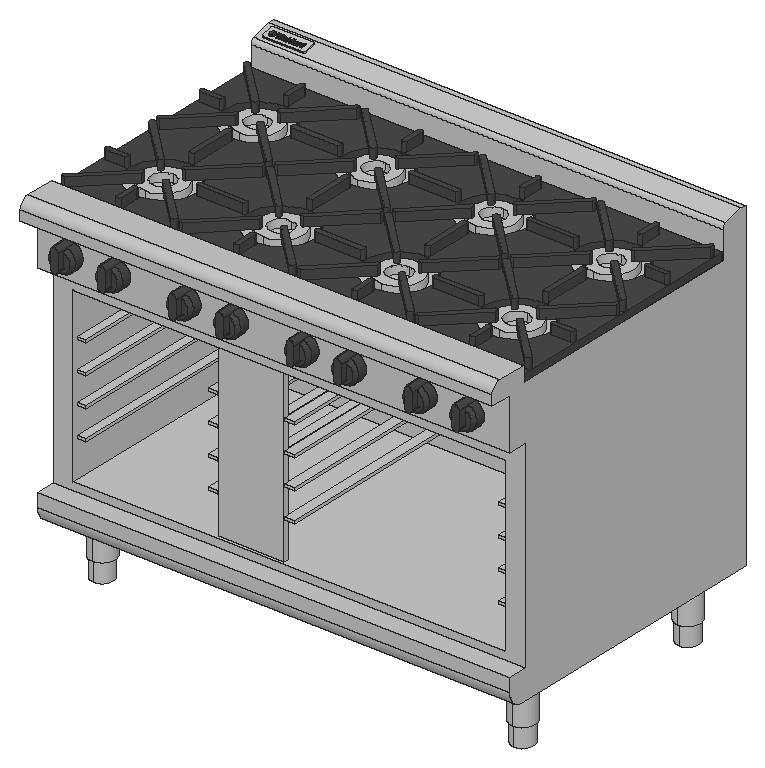
Revit family "QF_MOFFAT WALDORF_RNL8800G-CB", category Specialty Equipment, Revit 2012
Parameters
  Weight in Pounds = 436.5148
  URL Cutsheet = "www.moffat.com"
  URL = "www.moffat.com"
  Type Mark [instance] = ""
  Status [instance] = ""
  Specification by User [instance] = ""
  Specification by Manufacturer = ""
  Show Logo [instance] = yes
  Show Casters [instance] = no
  Serial Number = ""
  Seismic Rating = ""
  SMACNA No = ""
  Revision Code [instance] = ""
  Omniclass Number and Title = ""
  NAFEM Spec ID Number = ""
  Model = "RN8800G-CB"
  Mechanical Remarks [instance] = ""
  Mechanical Connection Type [instance] = ""
  Masterspec = ""
  Manufacturer = "MOFFAT WALDORF"
  Legs [instance] = not(Show Casters)  # yes
  Item Number [instance] = ""
  Installed By [instance] = ""
  Identify Quantity as Lot [instance] = yes
  Gas Size = 3/4"
  Gas RI Height [instance] = 0.0 mm
  Gas KW [instance] = 62.2
  Gas Input [instance] = 212311.0 Btu/h
  Gas Connection Height = 0.0 mm
  Furnished By [instance] = ""
  Foodservice Equipment Identifier [instance] = yes
  Description = "COOK TOP LOW SPLASHBACK GAS ON CABINET BASE"
  CSI MasterFormat = ""
  CSI Master Format = ""
  Body Height [instance] = 915.0 mm
  Base Height [instance] = 150.0 mm
Reference planes
  plane 1 "BACK": y = 0
  plane 2: z = 0
  plane 3 "LEFT": x = 0
  plane 4 "RIGHT": x = 1200
  plane 5 "FRONT": y = -805
  plane 6 "TOP": z = 970
  plane 7 "Center Y": x = 600
  plane 8 "Center X": y = -402.5
  plane 9 "Base Height": z = 150
  plane 10: x = 1134
  plane 11: x = 65
  plane 12: z = 915
  plane 13: x = 65.8
Forms (mm)
  Extrusion 1, solid, material "QF_Finishes_Stainless Steel"
    sketch origin (0, 0, 0) x (0, 1, 0) y (0, 0, 1)
      loop
        line (-805, 891) -> (-805, 866) -> (-749, 866) -> (-749, 735) -> (-135.7, 735) -> (-135.7, 150) -> (0, 150) -> (0, 970) -> (-15, 970) -> (-61.106, 957.646)
        arc (-61.106, 957.646) -> (-67.52, 953.36) -> (-70, 946.055) r 12
        line (-70, 946.055) -> (-70, 875) -> (-705, 875) -> (-705, 915) -> (-781, 915)
        arc (-781, 915) -> (-797.971, 907.971) -> (-805, 891) r 24
      loop
        line (-699, 222.5) -> (-749, 222.5) -> (-749, 188)
        arc (-749, 188) -> (-737.87, 161.13) -> (-711, 150) r 38
        line (-711, 150) -> (-699, 150) -> (-699, 222.5)
    from 0 to 1200
  Revolve 2, solid, material "QF_Finishes_Black"
    sketch origin (210, 0, 763.627) x (0, -1, 0) y (0, 0, 1)
      loop
        line (782, 69.605) -> (759, 69.605) -> (759, 42.105) -> (749, 42.105) -> (749, 37.105) -> (793, 37.105) -> (793, 63.757) -> (782, 69.605)
      axis (793, 37.105) -> (749, 37.105)
    angle from 0 to 360
  Extrusion 3, solid, material "QF_Finishes_Black"
    sketch origin (-78.431, 0, 659.63) x (1, 0, 0) y (0, 0, 1)
      loop
        line (298.431, 129) -> (298.431, 167.997)
        arc (298.431, 167.997) -> (288.431, 177.997) -> (278.431, 167.997) r 10
        line (278.431, 167.997) -> (278.431, 129)
        arc (278.431, 129) -> (288.431, 119) -> (298.431, 129) r 10
    from 759 to 808
  Extrusion 4, solid, material "QF_Finishes_Stainless Steel"
    sketch origin (705, 3, 100) x (1, 0, 0) y (0, 1, 0)
      loop
        circle (365, -35) r 13.5
    from 555 to 599.856
  Revolve 5, solid, material "QF_Finishes_Black"
    sketch origin (89.999, 0, 763.5) x (0, 1, 0) y (0, 0, -1)
      loop
        line (-782, -69.5) -> (-759, -69.5) -> (-759, -42) -> (-749, -42) -> (-749, -37) -> (-793, -37) -> (-793, -63.651) -> (-782, -69.5)
      axis (-793, -37) -> (-749, -37)
    angle from 0 to 360
  Extrusion 6, solid, material "QF_Finishes_Black"
    sketch origin (228.269, 0, 763.658) x (-1, 0, 0) y (0, 0, -1)
      loop
        arc (148.269, -24.969) -> (138.269, -14.969) -> (128.269, -24.969) r 10
        line (128.269, -24.969) -> (128.269, -63.969)
        arc (128.269, -63.969) -> (138.269, -73.969) -> (148.269, -63.969) r 10
        line (148.269, -63.969) -> (148.269, -24.969)
    from 759 to 808
  Extrusion 7, solid, material "QF_Finishes_Black"
    sketch origin (0, -77.318, 875) x (0, -1, 0) y (1, 0, 0)
      loop
        arc (-6.318, 4) -> (-5.439, 1.879) -> (-3.318, 1) r 3
        line (-3.318, 1) -> (623.682, 1)
        arc (623.682, 1) -> (625.804, 1.879) -> (626.682, 4) r 3
        line (626.682, 4) -> (626.682, 1196)
        arc (626.682, 1196) -> (625.804, 1198.121) -> (623.682, 1199) r 3
        line (623.682, 1199) -> (-3.318, 1199)
        arc (-3.318, 1199) -> (-5.439, 1198.121) -> (-6.318, 1196) r 3
        line (-6.318, 1196) -> (-6.318, 4)
      loop
        circle (160.182, 150) r 84.082
      loop
        circle (460.182, 150) r 84.082
      loop
        circle (460.182, 1050) r 84.082
      loop
        circle (160.182, 1050) r 84.082
      loop
        circle (160.182, 450) r 84.082
      loop
        circle (460.182, 450) r 84.082
      loop
        circle (160.182, 750) r 84.082
      loop
        circle (460.182, 750) r 84.082
    from 0 to 19.5
  Extrusion 8, solid, material "QF_Finishes_Black"
    sketch origin (0, -77.318, 894.5) x (0, -1, 0) y (1, 0, 0)
      loop
        spline (316.285, 15.153) -> (315.364, 13.924) -> (314.814, 12.47) -> (314.672, 10.89) -> (314.949, 9.292) -> (315.626, 7.786) -> (316.655, 6.473) -> (317.968, 5.443) -> (319.475, 4.767) -> (321.072, 4.49) -> (322.652, 4.631) -> (324.106, 5.181) -> (325.336, 6.102)
        line (325.336, 6.102) -> (433.259, 114.025)
        spline (433.259, 114.025) -> (434.019, 115.095) -> (434.42, 116.399) -> (434.433, 117.851) -> (434.058, 119.35) -> (433.319, 120.795) -> (432.269, 122.086) -> (430.977, 123.137) -> (429.532, 123.875) -> (428.033, 124.251) -> (426.582, 124.238) -> (425.277, 123.837) -> (424.208, 123.076)
        line (424.208, 123.076) -> (316.285, 15.153)
      loop
        spline (252.08, 156.4) -> (250.786, 156.182) -> (249.58, 155.543) -> (248.545, 154.525) -> (247.75, 153.2) -> (247.251, 151.656) -> (247.08, 150) -> (247.251, 148.344) -> (247.75, 146.8) -> (248.545, 145.475) -> (249.58, 144.457) -> (250.786, 143.818) -> (252.08, 143.6)
        line (252.08, 143.6) -> (368.284, 143.6)
        spline (368.284, 143.6) -> (369.579, 143.818) -> (370.784, 144.457) -> (371.82, 145.475) -> (372.615, 146.8) -> (373.114, 148.344) -> (373.284, 150) -> (373.114, 151.656) -> (372.615, 153.2) -> (371.82, 154.525) -> (370.784, 155.543) -> (369.579, 156.182) -> (368.284, 156.4)
        line (368.284, 156.4) -> (252.08, 156.4)
      loop
        spline (601.284, 143.6) -> (602.579, 143.818) -> (603.784, 144.457) -> (604.82, 145.475) -> (605.615, 146.8) -> (606.114, 148.344) -> (606.284, 150) -> (606.114, 151.656) -> (605.615, 153.2) -> (604.82, 154.525) -> (603.784, 155.543) -> (602.579, 156.182) -> (601.284, 156.4)
        line (601.284, 156.4) -> (552.08, 156.4)
        spline (552.08, 156.4) -> (550.786, 156.182) -> (549.58, 155.543) -> (548.545, 154.525) -> (547.75, 153.2) -> (547.251, 151.656) -> (547.08, 150) -> (547.251, 148.344) -> (547.75, 146.8) -> (548.545, 145.475) -> (549.58, 144.457) -> (550.786, 143.818) -> (552.08, 143.6)
        line (552.08, 143.6) -> (601.284, 143.6)
      loop
        line (604.08, 15.153) -> (496.157, 123.076)
        spline (496.157, 123.076) -> (495.088, 123.837) -> (493.783, 124.238) -> (492.332, 124.251) -> (490.832, 123.875) -> (489.388, 123.137) -> (488.096, 122.086) -> (487.045, 120.795) -> (486.307, 119.35) -> (485.932, 117.851) -> (485.945, 116.399) -> (486.345, 115.095) -> (487.106, 114.025)
        line (487.106, 114.025) -> (595.029, 6.102)
        spline (595.029, 6.102) -> (596.098, 5.341) -> (597.403, 4.941) -> (598.855, 4.928) -> (600.354, 5.303) -> (601.798, 6.041) -> (603.09, 7.092) -> (604.141, 8.384) -> (604.879, 9.829) -> (605.255, 11.328) -> (605.242, 12.779) -> (604.841, 14.084) -> (604.08, 15.153)
      loop
        line (466.582, 8.898) -> (466.582, 58.102)
        spline (466.582, 58.102) -> (466.364, 59.396) -> (465.725, 60.602) -> (464.708, 61.638) -> (463.382, 62.432) -> (461.839, 62.932) -> (460.182, 63.102) -> (458.526, 62.932) -> (456.982, 62.432) -> (455.657, 61.638) -> (454.64, 60.602) -> (454, 59.396) -> (453.782, 58.102)
        line (453.782, 58.102) -> (453.782, 8.898)
        spline (453.782, 8.898) -> (454, 7.604) -> (454.64, 6.398) -> (455.657, 5.362) -> (456.982, 4.568) -> (458.526, 4.068) -> (460.182, 3.898) -> (461.839, 4.068) -> (463.382, 4.568) -> (464.708, 5.362) -> (465.725, 6.398) -> (466.364, 7.604) -> (466.582, 8.898)
      loop
        spline (16.285, 15.153) -> (15.364, 13.924) -> (14.814, 12.47) -> (14.672, 10.89) -> (14.949, 9.292) -> (15.626, 7.786) -> (16.655, 6.473) -> (17.968, 5.443) -> (19.475, 4.767) -> (21.072, 4.49) -> (22.652, 4.631) -> (24.106, 5.181) -> (25.336, 6.102)
        line (25.336, 6.102) -> (133.259, 114.025)
        spline (133.259, 114.025) -> (134.019, 115.095) -> (134.42, 116.399) -> (134.433, 117.851) -> (134.058, 119.35) -> (133.319, 120.795) -> (132.269, 122.086) -> (130.977, 123.137) -> (129.532, 123.875) -> (128.033, 124.251) -> (126.582, 124.238) -> (125.277, 123.837) -> (124.208, 123.076)
        line (124.208, 123.076) -> (16.285, 15.153)
      loop
        spline (19.08, 156.4) -> (17.786, 156.182) -> (16.58, 155.543) -> (15.545, 154.525) -> (14.75, 153.2) -> (14.251, 151.656) -> (14.08, 150) -> (14.251, 148.344) -> (14.75, 146.8) -> (15.545, 145.475) -> (16.58, 144.457) -> (17.786, 143.818) -> (19.08, 143.6)
        line (19.08, 143.6) -> (68.284, 143.6)
        spline (68.284, 143.6) -> (69.579, 143.818) -> (70.784, 144.457) -> (71.82, 145.475) -> (72.615, 146.8) -> (73.114, 148.344) -> (73.284, 150) -> (73.114, 151.656) -> (72.615, 153.2) -> (71.82, 154.525) -> (70.784, 155.543) -> (69.579, 156.182) -> (68.284, 156.4)
        line (68.284, 156.4) -> (19.08, 156.4)
      loop
        line (304.08, 15.153) -> (196.157, 123.076)
        spline (196.157, 123.076) -> (195.088, 123.837) -> (193.783, 124.238) -> (192.332, 124.251) -> (190.832, 123.875) -> (189.388, 123.137) -> (188.096, 122.086) -> (187.045, 120.795) -> (186.307, 119.35) -> (185.932, 117.851) -> (185.945, 116.399) -> (186.345, 115.095) -> (187.106, 114.025)
        line (187.106, 114.025) -> (295.029, 6.102)
        spline (295.029, 6.102) -> (296.098, 5.341) -> (297.403, 4.941) -> (298.855, 4.928) -> (300.354, 5.303) -> (301.798, 6.041) -> (303.09, 7.092) -> (304.141, 8.384) -> (304.879, 9.829) -> (305.255, 11.328) -> (305.242, 12.779) -> (304.841, 14.084) -> (304.08, 15.153)
      loop
        line (166.582, 8.898) -> (166.582, 58.102)
        spline (166.582, 58.102) -> (166.364, 59.396) -> (165.725, 60.602) -> (164.708, 61.638) -> (163.382, 62.432) -> (161.839, 62.932) -> (160.182, 63.102) -> (158.526, 62.932) -> (156.982, 62.432) -> (155.657, 61.638) -> (154.64, 60.602) -> (154, 59.396) -> (153.782, 58.102)
        line (153.782, 58.102) -> (153.782, 8.898)
        spline (153.782, 8.898) -> (154, 7.604) -> (154.64, 6.398) -> (155.657, 5.362) -> (156.982, 4.568) -> (158.526, 4.068) -> (160.182, 3.898) -> (161.839, 4.068) -> (163.382, 4.568) -> (164.708, 5.362) -> (165.725, 6.398) -> (166.364, 7.604) -> (166.582, 8.898)
      loop
        line (316.285, 284.847) -> (424.208, 176.924)
        spline (424.208, 176.924) -> (425.277, 176.163) -> (426.582, 175.762) -> (428.033, 175.749) -> (429.532, 176.125) -> (430.977, 176.863) -> (432.269, 177.914) -> (433.319, 179.205) -> (434.058, 180.65) -> (434.433, 182.149) -> (434.42, 183.601) -> (434.019, 184.905) -> (433.259, 185.975)
        line (433.259, 185.975) -> (325.336, 293.898)
        spline (325.336, 293.898) -> (324.106, 294.819) -> (322.652, 295.369) -> (321.072, 295.51) -> (319.475, 295.233) -> (317.968, 294.557) -> (316.655, 293.527) -> (315.626, 292.214) -> (314.949, 290.708) -> (314.672, 289.11) -> (314.814, 287.53) -> (315.364, 286.076) -> (316.285, 284.847)
      loop
        spline (604.08, 284.847) -> (604.841, 285.916) -> (605.242, 287.221) -> (605.255, 288.672) -> (604.879, 290.171) -> (604.141, 291.616) -> (603.09, 292.908) -> (601.798, 293.959) -> (600.354, 294.697) -> (598.855, 295.072) -> (597.403, 295.059) -> (596.098, 294.659) -> (595.029, 293.898)
        line (595.029, 293.898) -> (487.106, 185.975)
        spline (487.106, 185.975) -> (486.345, 184.905) -> (485.945, 183.601) -> (485.932, 182.149) -> (486.307, 180.65) -> (487.045, 179.205) -> (488.096, 177.914) -> (489.388, 176.863) -> (490.832, 176.125) -> (492.332, 175.749) -> (493.783, 175.762) -> (495.088, 176.163) -> (496.157, 176.924)
        line (496.157, 176.924) -> (604.08, 284.847)
      loop
        spline (453.782, 241.898) -> (454, 240.604) -> (454.64, 239.398) -> (455.657, 238.362) -> (456.982, 237.568) -> (458.526, 237.068) -> (460.182, 236.898) -> (461.839, 237.068) -> (463.382, 237.568) -> (464.708, 238.362) -> (465.725, 239.398) -> (466.364, 240.604) -> (466.582, 241.898)
        line (466.582, 241.898) -> (466.582, 358.102)
        spline (466.582, 358.102) -> (466.364, 359.396) -> (465.725, 360.602) -> (464.708, 361.638) -> (463.382, 362.432) -> (461.839, 362.932) -> (460.182, 363.102) -> (458.526, 362.932) -> (456.982, 362.432) -> (455.657, 361.638) -> (454.64, 360.602) -> (454, 359.396) -> (453.782, 358.102)
        line (453.782, 358.102) -> (453.782, 241.898)
      loop
        line (16.285, 284.847) -> (124.208, 176.924)
        spline (124.208, 176.924) -> (125.277, 176.163) -> (126.582, 175.762) -> (128.033, 175.749) -> (129.532, 176.125) -> (130.977, 176.863) -> (132.269, 177.914) -> (133.319, 179.205) -> (134.058, 180.65) -> (134.433, 182.149) -> (134.42, 183.601) -> (134.019, 184.905) -> (133.259, 185.975)
        line (133.259, 185.975) -> (25.336, 293.898)
        spline (25.336, 293.898) -> (24.106, 294.819) -> (22.652, 295.369) -> (21.072, 295.51) -> (19.475, 295.233) -> (17.968, 294.557) -> (16.655, 293.527) -> (15.626, 292.214) -> (14.949, 290.708) -> (14.672, 289.11) -> (14.814, 287.53) -> (15.364, 286.076) -> (16.285, 284.847)
      loop
        spline (304.08, 284.847) -> (304.841, 285.916) -> (305.242, 287.221) -> (305.255, 288.672) -> (304.879, 290.171) -> (304.141, 291.616) -> (303.09, 292.908) -> (301.798, 293.959) -> (300.354, 294.697) -> (298.855, 295.072) -> (297.403, 295.059) -> (296.098, 294.659) -> (295.029, 293.898)
        line (295.029, 293.898) -> (187.106, 185.975)
        spline (187.106, 185.975) -> (186.345, 184.905) -> (185.945, 183.601) -> (185.932, 182.149) -> (186.307, 180.65) -> (187.045, 179.205) -> (188.096, 177.914) -> (189.388, 176.863) -> (190.832, 176.125) -> (192.332, 175.749) -> (193.783, 175.762) -> (195.088, 176.163) -> (196.157, 176.924)
        line (196.157, 176.924) -> (304.08, 284.847)
      loop
        spline (166.582, 358.102) -> (166.364, 359.396) -> (165.725, 360.602) -> (164.708, 361.638) -> (163.382, 362.432) -> (161.839, 362.932) -> (160.182, 363.102) -> (158.526, 362.932) -> (156.982, 362.432) -> (155.657, 361.638) -> (154.64, 360.602) -> (154, 359.396) -> (153.782, 358.102)
        line (153.782, 358.102) -> (153.782, 241.898)
        spline (153.782, 241.898) -> (154, 240.604) -> (154.64, 239.398) -> (155.657, 238.362) -> (156.982, 237.568) -> (158.526, 237.068) -> (160.182, 236.898) -> (161.839, 237.068) -> (163.382, 237.568) -> (164.708, 238.362) -> (165.725, 239.398) -> (166.364, 240.604) -> (166.582, 241.898)
        line (166.582, 241.898) -> (166.582, 358.102)
      loop
        spline (316.285, 315.153) -> (315.364, 313.924) -> (314.814, 312.47) -> (314.672, 310.89) -> (314.949, 309.292) -> (315.626, 307.786) -> (316.655, 306.473) -> (317.968, 305.443) -> (319.475, 304.767) -> (321.072, 304.49) -> (322.652, 304.631) -> (324.106, 305.181) -> (325.336, 306.102)
        line (325.336, 306.102) -> (433.259, 414.025)
        spline (433.259, 414.025) -> (434.019, 415.095) -> (434.42, 416.399) -> (434.433, 417.851) -> (434.058, 419.35) -> (433.319, 420.795) -> (432.269, 422.086) -> (430.977, 423.137) -> (429.532, 423.875) -> (428.033, 424.251) -> (426.582, 424.238) -> (425.277, 423.837) -> (424.208, 423.076)
        line (424.208, 423.076) -> (316.285, 315.153)
      loop
        spline (252.08, 456.4) -> (250.786, 456.182) -> (249.58, 455.543) -> (248.545, 454.525) -> (247.75, 453.2) -> (247.251, 451.656) -> (247.08, 450) -> (247.251, 448.344) -> (247.75, 446.8) -> (248.545, 445.475) -> (249.58, 444.457) -> (250.786, 443.818) -> (252.08, 443.6)
        line (252.08, 443.6) -> (368.284, 443.6)
        spline (368.284, 443.6) -> (369.579, 443.818) -> (370.784, 444.457) -> (371.82, 445.475) -> (372.615, 446.8) -> (373.114, 448.344) -> (373.284, 450) -> (373.114, 451.656) -> (372.615, 453.2) -> (371.82, 454.525) -> (370.784, 455.543) -> (369.579, 456.182) -> (368.284, 456.4)
        line (368.284, 456.4) -> (252.08, 456.4)
      loop
        spline (601.284, 443.6) -> (602.579, 443.818) -> (603.784, 444.457) -> (604.82, 445.475) -> (605.615, 446.8) -> (606.114, 448.344) -> (606.284, 450) -> (606.114, 451.656) -> (605.615, 453.2) -> (604.82, 454.525) -> (603.784, 455.543) -> (602.579, 456.182) -> (601.284, 456.4)
        line (601.284, 456.4) -> (552.08, 456.4)
        spline (552.08, 456.4) -> (550.786, 456.182) -> (549.58, 455.543) -> (548.545, 454.525) -> (547.75, 453.2) -> (547.251, 451.656) -> (547.08, 450) -> (547.251, 448.344) -> (547.75, 446.8) -> (548.545, 445.475) -> (549.58, 444.457) -> (550.786, 443.818) -> (552.08, 443.6)
        line (552.08, 443.6) -> (601.284, 443.6)
      loop
        line (604.08, 315.153) -> (496.157, 423.076)
        spline (496.157, 423.076) -> (495.088, 423.837) -> (493.783, 424.238) -> (492.332, 424.251) -> (490.832, 423.875) -> (489.388, 423.137) -> (488.096, 422.086) -> (487.045, 420.795) -> (486.307, 419.35) -> (485.932, 417.851) -> (485.945, 416.399) -> (486.345, 415.095) -> (487.106, 414.025)
        line (487.106, 414.025) -> (595.029, 306.102)
        spline (595.029, 306.102) -> (596.098, 305.341) -> (597.403, 304.941) -> (598.855, 304.928) -> (600.354, 305.303) -> (601.798, 306.041) -> (603.09, 307.092) -> (604.141, 308.384) -> (604.879, 309.829) -> (605.255, 311.328) -> (605.242, 312.779) -> (604.841, 314.084) -> (604.08, 315.153)
      loop
        spline (16.285, 315.153) -> (15.364, 313.924) -> (14.814, 312.47) -> (14.672, 310.89) -> (14.949, 309.292) -> (15.626, 307.786) -> (16.655, 306.473) -> (17.968, 305.443) -> (19.475, 304.767) -> (21.072, 304.49) -> (22.652, 304.631) -> (24.106, 305.181) -> (25.336, 306.102)
        line (25.336, 306.102) -> (133.259, 414.025)
        spline (133.259, 414.025) -> (134.019, 415.095) -> (134.42, 416.399) -> (134.433, 417.851) -> (134.058, 419.35) -> (133.319, 420.795) -> (132.269, 422.086) -> (130.977, 423.137) -> (129.532, 423.875) -> (128.033, 424.251) -> (126.582, 424.238) -> (125.277, 423.837) -> (124.208, 423.076)
        line (124.208, 423.076) -> (16.285, 315.153)
      loop
        spline (19.08, 456.4) -> (17.786, 456.182) -> (16.58, 455.543) -> (15.545, 454.525) -> (14.75, 453.2) -> (14.251, 451.656) -> (14.08, 450) -> (14.251, 448.344) -> (14.75, 446.8) -> (15.545, 445.475) -> (16.58, 444.457) -> (17.786, 443.818) -> (19.08, 443.6)
        line (19.08, 443.6) -> (68.284, 443.6)
        spline (68.284, 443.6) -> (69.579, 443.818) -> (70.784, 444.457) -> (71.82, 445.475) -> (72.615, 446.8) -> (73.114, 448.344) -> (73.284, 450) -> (73.114, 451.656) -> (72.615, 453.2) -> (71.82, 454.525) -> (70.784, 455.543) -> (69.579, 456.182) -> (68.284, 456.4)
        line (68.284, 456.4) -> (19.08, 456.4)
      loop
        line (304.08, 315.153) -> (196.157, 423.076)
        spline (196.157, 423.076) -> (195.088, 423.837) -> (193.783, 424.238) -> (192.332, 424.251) -> (190.832, 423.875) -> (189.388, 423.137) -> (188.096, 422.086) -> (187.045, 420.795) -> (186.307, 419.35) -> (185.932, 417.851) -> (185.945, 416.399) -> (186.345, 415.095) -> (187.106, 414.025)
        line (187.106, 414.025) -> (295.029, 306.102)
        spline (295.029, 306.102) -> (296.098, 305.341) -> (297.403, 304.941) -> (298.855, 304.928) -> (300.354, 305.303) -> (301.798, 306.041) -> (303.09, 307.092) -> (304.141, 308.384) -> (304.879, 309.829) -> (305.255, 311.328) -> (305.242, 312.779) -> (304.841, 314.084) -> (304.08, 315.153)
      loop
        line (316.285, 584.847) -> (424.208, 476.924)
        spline (424.208, 476.924) -> (425.277, 476.163) -> (426.582, 475.762) -> (428.033, 475.749) -> (429.532, 476.125) -> (430.977, 476.863) -> (432.269, 477.914) -> (433.319, 479.205) -> (434.058, 480.65) -> (434.433, 482.149) -> (434.42, 483.601) -> (434.019, 484.905) -> (433.259, 485.975)
        line (433.259, 485.975) -> (325.336, 593.898)
        spline (325.336, 593.898) -> (324.106, 594.819) -> (322.652, 595.369) -> (321.072, 595.51) -> (319.475, 595.233) -> (317.968, 594.557) -> (316.655, 593.527) -> (315.626, 592.214) -> (314.949, 590.708) -> (314.672, 589.11) -> (314.814, 587.53) -> (315.364, 586.076) -> (316.285, 584.847)
      loop
        spline (604.08, 584.847) -> (604.841, 585.916) -> (605.242, 587.221) -> (605.255, 588.672) -> (604.879, 590.171) -> (604.141, 591.616) -> (603.09, 592.908) -> (601.798, 593.959) -> (600.354, 594.697) -> (598.855, 595.072) -> (597.403, 595.059) -> (596.098, 594.659) -> (595.029, 593.898)
        line (595.029, 593.898) -> (487.106, 485.975)
        spline (487.106, 485.975) -> (486.345, 484.905) -> (485.945, 483.601) -> (485.932, 482.149) -> (486.307, 480.65) -> (487.045, 479.205) -> (488.096, 477.914) -> (489.388, 476.863) -> (490.832, 476.125) -> (492.332, 475.749) -> (493.783, 475.762) -> (495.088, 476.163) -> (496.157, 476.924)
        line (496.157, 476.924) -> (604.08, 584.847)
      loop
        spline (466.582, 658.102) -> (466.364, 659.396) -> (465.725, 660.602) -> (464.708, 661.638) -> (463.382, 662.432) -> (461.839, 662.932) -> (460.182, 663.102) -> (458.526, 662.932) -> (456.982, 662.432) -> (455.657, 661.638) -> (454.64, 660.602) -> (454, 659.396) -> (453.782, 658.102)
        line (453.782, 658.102) -> (453.782, 541.898)
        spline (453.782, 541.898) -> (454, 540.604) -> (454.64, 539.398) -> (455.657, 538.362) -> (456.982, 537.568) -> (458.526, 537.068) -> (460.182, 536.898) -> (461.839, 537.068) -> (463.382, 537.568) -> (464.708, 538.362) -> (465.725, 539.398) -> (466.364, 540.604) -> (466.582, 541.898)
        line (466.582, 541.898) -> (466.582, 658.102)
      loop
        line (16.285, 584.847) -> (124.208, 476.924)
        spline (124.208, 476.924) -> (125.277, 476.163) -> (126.582, 475.762) -> (128.033, 475.749) -> (129.532, 476.125) -> (130.977, 476.863) -> (132.269, 477.914) -> (133.319, 479.205) -> (134.058, 480.65) -> (134.433, 482.149) -> (134.42, 483.601) -> (134.019, 484.905) -> (133.259, 485.975)
        line (133.259, 485.975) -> (25.336, 593.898)
        spline (25.336, 593.898) -> (24.106, 594.819) -> (22.652, 595.369) -> (21.072, 595.51) -> (19.475, 595.233) -> (17.968, 594.557) -> (16.655, 593.527) -> (15.626, 592.214) -> (14.949, 590.708) -> (14.672, 589.11) -> (14.814, 587.53) -> (15.364, 586.076) -> (16.285, 584.847)
      loop
        spline (304.08, 584.847) -> (304.841, 585.916) -> (305.242, 587.221) -> (305.255, 588.672) -> (304.879, 590.171) -> (304.141, 591.616) -> (303.09, 592.908) -> (301.798, 593.959) -> (300.354, 594.697) -> (298.855, 595.072) -> (297.403, 595.059) -> (296.098, 594.659) -> (295.029, 593.898)
        line (295.029, 593.898) -> (187.106, 485.975)
        spline (187.106, 485.975) -> (186.345, 484.905) -> (185.945, 483.601) -> (185.932, 482.149) -> (186.307, 480.65) -> (187.045, 479.205) -> (188.096, 477.914) -> (189.388, 476.863) -> (190.832, 476.125) -> (192.332, 475.749) -> (193.783, 475.762) -> (195.088, 476.163) -> (196.157, 476.924)
        line (196.157, 476.924) -> (304.08, 584.847)
      loop
        spline (166.582, 658.102) -> (166.364, 659.396) -> (165.725, 660.602) -> (164.708, 661.638) -> (163.382, 662.432) -> (161.839, 662.932) -> (160.182, 663.102) -> (158.526, 662.932) -> (156.982, 662.432) -> (155.657, 661.638) -> (154.64, 660.602) -> (154, 659.396) -> (153.782, 658.102)
        line (153.782, 658.102) -> (153.782, 541.898)
        spline (153.782, 541.898) -> (154, 540.604) -> (154.64, 539.398) -> (155.657, 538.362) -> (156.982, 537.568) -> (158.526, 537.068) -> (160.182, 536.898) -> (161.839, 537.068) -> (163.382, 537.568) -> (164.708, 538.362) -> (165.725, 539.398) -> (166.364, 540.604) -> (166.582, 541.898)
        line (166.582, 541.898) -> (166.582, 658.102)
      loop
        line (316.285, 1184.847) -> (424.208, 1076.924)
        spline (424.208, 1076.924) -> (425.277, 1076.163) -> (426.582, 1075.762) -> (428.033, 1075.749) -> (429.532, 1076.125) -> (430.977, 1076.863) -> (432.269, 1077.914) -> (433.319, 1079.205) -> (434.058, 1080.65) -> (434.433, 1082.149) -> (434.42, 1083.601) -> (434.019, 1084.905) -> (433.259, 1085.975)
        line (433.259, 1085.975) -> (325.336, 1193.898)
        spline (325.336, 1193.898) -> (324.106, 1194.819) -> (322.652, 1195.369) -> (321.072, 1195.51) -> (319.475, 1195.233) -> (317.968, 1194.557) -> (316.655, 1193.527) -> (315.626, 1192.214) -> (314.949, 1190.708) -> (314.672, 1189.11) -> (314.814, 1187.53) -> (315.364, 1186.076) -> (316.285, 1184.847)
      loop
        line (252.08, 1043.6) -> (368.284, 1043.6)
        spline (368.284, 1043.6) -> (369.579, 1043.818) -> (370.784, 1044.457) -> (371.82, 1045.475) -> (372.615, 1046.8) -> (373.114, 1048.344) -> (373.284, 1050) -> (373.114, 1051.656) -> (372.615, 1053.2) -> (371.82, 1054.525) -> (370.784, 1055.543) -> (369.579, 1056.182) -> (368.284, 1056.4)
        line (368.284, 1056.4) -> (252.08, 1056.4)
        spline (252.08, 1056.4) -> (250.786, 1056.182) -> (249.58, 1055.543) -> (248.545, 1054.525) -> (247.75, 1053.2) -> (247.251, 1051.656) -> (247.08, 1050) -> (247.251, 1048.344) -> (247.75, 1046.8) -> (248.545, 1045.475) -> (249.58, 1044.457) -> (250.786, 1043.818) -> (252.08, 1043.6)
      loop
        line (601.284, 1056.4) -> (552.08, 1056.4)
        spline (552.08, 1056.4) -> (550.786, 1056.182) -> (549.58, 1055.543) -> (548.545, 1054.525) -> (547.75, 1053.2) -> (547.251, 1051.656) -> (547.08, 1050) -> (547.251, 1048.344) -> (547.75, 1046.8) -> (548.545, 1045.475) -> (549.58, 1044.457) -> (550.786, 1043.818) -> (552.08, 1043.6)
        line (552.08, 1043.6) -> (601.284, 1043.6)
        spline (601.284, 1043.6) -> (602.579, 1043.818) -> (603.784, 1044.457) -> (604.82, 1045.475) -> (605.615, 1046.8) -> (606.114, 1048.344) -> (606.284, 1050) -> (606.114, 1051.656) -> (605.615, 1053.2) -> (604.82, 1054.525) -> (603.784, 1055.543) -> (602.579, 1056.182) -> (601.284, 1056.4)
      loop
        spline (604.08, 1184.847) -> (604.841, 1185.916) -> (605.242, 1187.221) -> (605.255, 1188.672) -> (604.879, 1190.171) -> (604.141, 1191.616) -> (603.09, 1192.908) -> (601.798, 1193.959) -> (600.354, 1194.697) -> (598.855, 1195.072) -> (597.403, 1195.059) -> (596.098, 1194.659) -> (595.029, 1193.898)
        line (595.029, 1193.898) -> (487.106, 1085.975)
        spline (487.106, 1085.975) -> (486.345, 1084.905) -> (485.945, 1083.601) -> (485.932, 1082.149) -> (486.307, 1080.65) -> (487.045, 1079.205) -> (488.096, 1077.914) -> (489.388, 1076.863) -> (490.832, 1076.125) -> (492.332, 1075.749) -> (493.783, 1075.762) -> (495.088, 1076.163) -> (496.157, 1076.924)
        line (496.157, 1076.924) -> (604.08, 1184.847)
      loop
        spline (466.582, 1191.102) -> (466.364, 1192.396) -> (465.725, 1193.602) -> (464.708, 1194.638) -> (463.382, 1195.432) -> (461.839, 1195.932) -> (460.182, 1196.102) -> (458.526, 1195.932) -> (456.982, 1195.432) -> (455.657, 1194.638) -> (454.64, 1193.602) -> (454, 1192.396) -> (453.782, 1191.102)
        line (453.782, 1191.102) -> (453.782, 1141.898)
        spline (453.782, 1141.898) -> (454, 1140.604) -> (454.64, 1139.398) -> (455.657, 1138.362) -> (456.982, 1137.568) -> (458.526, 1137.068) -> (460.182, 1136.898) -> (461.839, 1137.068) -> (463.382, 1137.568) -> (464.708, 1138.362) -> (465.725, 1139.398) -> (466.364, 1140.604) -> (466.582, 1141.898)
        line (466.582, 1141.898) -> (466.582, 1191.102)
      loop
        line (16.285, 1184.847) -> (124.208, 1076.924)
        spline (124.208, 1076.924) -> (125.277, 1076.163) -> (126.582, 1075.762) -> (128.033, 1075.749) -> (129.532, 1076.125) -> (130.977, 1076.863) -> (132.269, 1077.914) -> (133.319, 1079.205) -> (134.058, 1080.65) -> (134.433, 1082.149) -> (134.42, 1083.601) -> (134.019, 1084.905) -> (133.259, 1085.975)
        line (133.259, 1085.975) -> (25.336, 1193.898)
        spline (25.336, 1193.898) -> (24.106, 1194.819) -> (22.652, 1195.369) -> (21.072, 1195.51) -> (19.475, 1195.233) -> (17.968, 1194.557) -> (16.655, 1193.527) -> (15.626, 1192.214) -> (14.949, 1190.708) -> (14.672, 1189.11) -> (14.814, 1187.53) -> (15.364, 1186.076) -> (16.285, 1184.847)
      loop
        line (19.08, 1043.6) -> (68.284, 1043.6)
        spline (68.284, 1043.6) -> (69.579, 1043.818) -> (70.784, 1044.457) -> (71.82, 1045.475) -> (72.615, 1046.8) -> (73.114, 1048.344) -> (73.284, 1050) -> (73.114, 1051.656) -> (72.615, 1053.2) -> (71.82, 1054.525) -> (70.784, 1055.543) -> (69.579, 1056.182) -> (68.284, 1056.4)
        line (68.284, 1056.4) -> (19.08, 1056.4)
        spline (19.08, 1056.4) -> (17.786, 1056.182) -> (16.58, 1055.543) -> (15.545, 1054.525) -> (14.75, 1053.2) -> (14.251, 1051.656) -> (14.08, 1050) -> (14.251, 1048.344) -> (14.75, 1046.8) -> (15.545, 1045.475) -> (16.58, 1044.457) -> (17.786, 1043.818) -> (19.08, 1043.6)
      loop
        spline (304.08, 1184.847) -> (304.841, 1185.916) -> (305.242, 1187.221) -> (305.255, 1188.672) -> (304.879, 1190.171) -> (304.141, 1191.616) -> (303.09, 1192.908) -> (301.798, 1193.959) -> (300.354, 1194.697) -> (298.855, 1195.072) -> (297.403, 1195.059) -> (296.098, 1194.659) -> (295.029, 1193.898)
        line (295.029, 1193.898) -> (187.106, 1085.975)
        spline (187.106, 1085.975) -> (186.345, 1084.905) -> (185.945, 1083.601) -> (185.932, 1082.149) -> (186.307, 1080.65) -> (187.045, 1079.205) -> (188.096, 1077.914) -> (189.388, 1076.863) -> (190.832, 1076.125) -> (192.332, 1075.749) -> (193.783, 1075.762) -> (195.088, 1076.163) -> (196.157, 1076.924)
        line (196.157, 1076.924) -> (304.08, 1184.847)
      loop
        spline (166.582, 1191.102) -> (166.364, 1192.396) -> (165.725, 1193.602) -> (164.708, 1194.638) -> (163.382, 1195.432) -> (161.839, 1195.932) -> (160.182, 1196.102) -> (158.526, 1195.932) -> (156.982, 1195.432) -> (155.657, 1194.638) -> (154.64, 1193.602) -> (154, 1192.396) -> (153.782, 1191.102)
        line (153.782, 1191.102) -> (153.782, 1141.898)
        spline (153.782, 1141.898) -> (154, 1140.604) -> (154.64, 1139.398) -> (155.657, 1138.362) -> (156.982, 1137.568) -> (158.526, 1137.068) -> (160.182, 1136.898) -> (161.839, 1137.068) -> (163.382, 1137.568) -> (164.708, 1138.362) -> (165.725, 1139.398) -> (166.364, 1140.604) -> (166.582, 1141.898)
        line (166.582, 1141.898) -> (166.582, 1191.102)
      loop
        spline (316.285, 915.153) -> (315.364, 913.924) -> (314.814, 912.47) -> (314.672, 910.89) -> (314.949, 909.292) -> (315.626, 907.786) -> (316.655, 906.473) -> (317.968, 905.443) -> (319.475, 904.767) -> (321.072, 904.49) -> (322.652, 904.631) -> (324.106, 905.181) -> (325.336, 906.102)
        line (325.336, 906.102) -> (433.259, 1014.025)
        spline (433.259, 1014.025) -> (434.019, 1015.095) -> (434.42, 1016.399) -> (434.433, 1017.851) -> (434.058, 1019.35) -> (433.319, 1020.795) -> (432.269, 1022.086) -> (430.977, 1023.137) -> (429.532, 1023.875) -> (428.033, 1024.251) -> (426.582, 1024.238) -> (425.277, 1023.837) -> (424.208, 1023.076)
        line (424.208, 1023.076) -> (316.285, 915.153)
      loop
        line (604.08, 915.153) -> (496.157, 1023.076)
        spline (496.157, 1023.076) -> (495.088, 1023.837) -> (493.783, 1024.238) -> (492.332, 1024.251) -> (490.832, 1023.875) -> (489.388, 1023.137) -> (488.096, 1022.086) -> (487.045, 1020.795) -> (486.307, 1019.35) -> (485.932, 1017.851) -> (485.945, 1016.399) -> (486.345, 1015.095) -> (487.106, 1014.025)
        line (487.106, 1014.025) -> (595.029, 906.102)
        spline (595.029, 906.102) -> (596.098, 905.341) -> (597.403, 904.941) -> (598.855, 904.928) -> (600.354, 905.303) -> (601.798, 906.041) -> (603.09, 907.092) -> (604.141, 908.384) -> (604.879, 909.829) -> (605.255, 911.328) -> (605.242, 912.779) -> (604.841, 914.084) -> (604.08, 915.153)
      loop
        line (453.782, 958.102) -> (453.782, 841.898)
        spline (453.782, 841.898) -> (454, 840.604) -> (454.64, 839.398) -> (455.657, 838.362) -> (456.982, 837.568) -> (458.526, 837.068) -> (460.182, 836.898) -> (461.839, 837.068) -> (463.382, 837.568) -> (464.708, 838.362) -> (465.725, 839.398) -> (466.364, 840.604) -> (466.582, 841.898)
        line (466.582, 841.898) -> (466.582, 958.102)
        spline (466.582, 958.102) -> (466.364, 959.396) -> (465.725, 960.602) -> (464.708, 961.638) -> (463.382, 962.432) -> (461.839, 962.932) -> (460.182, 963.102) -> (458.526, 962.932) -> (456.982, 962.432) -> (455.657, 961.638) -> (454.64, 960.602) -> (454, 959.396) -> (453.782, 958.102)
      loop
        spline (16.285, 915.153) -> (15.364, 913.924) -> (14.814, 912.47) -> (14.672, 910.89) -> (14.949, 909.292) -> (15.626, 907.786) -> (16.655, 906.473) -> (17.968, 905.443) -> (19.475, 904.767) -> (21.072, 904.49) -> (22.652, 904.631) -> (24.106, 905.181) -> (25.336, 906.102)
        line (25.336, 906.102) -> (133.259, 1014.025)
        spline (133.259, 1014.025) -> (134.019, 1015.095) -> (134.42, 1016.399) -> (134.433, 1017.851) -> (134.058, 1019.35) -> (133.319, 1020.795) -> (132.269, 1022.086) -> (130.977, 1023.137) -> (129.532, 1023.875) -> (128.033, 1024.251) -> (126.582, 1024.238) -> (125.277, 1023.837) -> (124.208, 1023.076)
        line (124.208, 1023.076) -> (16.285, 915.153)
      loop
        line (304.08, 915.153) -> (196.157, 1023.076)
        spline (196.157, 1023.076) -> (195.088, 1023.837) -> (193.783, 1024.238) -> (192.332, 1024.251) -> (190.832, 1023.875) -> (189.388, 1023.137) -> (188.096, 1022.086) -> (187.045, 1020.795) -> (186.307, 1019.35) -> (185.932, 1017.851) -> (185.945, 1016.399) -> (186.345, 1015.095) -> (187.106, 1014.025)
        line (187.106, 1014.025) -> (295.029, 906.102)
        spline (295.029, 906.102) -> (296.098, 905.341) -> (297.403, 904.941) -> (298.855, 904.928) -> (300.354, 905.303) -> (301.798, 906.041) -> (303.09, 907.092) -> (304.141, 908.384) -> (304.879, 909.829) -> (305.255, 911.328) -> (305.242, 912.779) -> (304.841, 914.084) -> (304.08, 915.153)
      loop
        line (166.582, 841.898) -> (166.582, 958.102)
        spline (166.582, 958.102) -> (166.364, 959.396) -> (165.725, 960.602) -> (164.708, 961.638) -> (163.382, 962.432) -> (161.839, 962.932) -> (160.182, 963.102) -> (158.526, 962.932) -> (156.982, 962.432) -> (155.657, 961.638) -> (154.64, 960.602) -> (154, 959.396) -> (153.782, 958.102)
        line (153.782, 958.102) -> (153.782, 841.898)
        spline (153.782, 841.898) -> (154, 840.604) -> (154.64, 839.398) -> (155.657, 838.362) -> (156.982, 837.568) -> (158.526, 837.068) -> (160.182, 836.898) -> (161.839, 837.068) -> (163.382, 837.568) -> (164.708, 838.362) -> (165.725, 839.398) -> (166.364, 840.604) -> (166.582, 841.898)
      loop
        line (316.285, 884.847) -> (424.208, 776.924)
        spline (424.208, 776.924) -> (425.277, 776.163) -> (426.582, 775.762) -> (428.033, 775.749) -> (429.532, 776.125) -> (430.977, 776.863) -> (432.269, 777.914) -> (433.319, 779.205) -> (434.058, 780.65) -> (434.433, 782.149) -> (434.42, 783.601) -> (434.019, 784.905) -> (433.259, 785.975)
        line (433.259, 785.975) -> (325.336, 893.898)
        spline (325.336, 893.898) -> (324.106, 894.819) -> (322.652, 895.369) -> (321.072, 895.51) -> (319.475, 895.233) -> (317.968, 894.557) -> (316.655, 893.527) -> (315.626, 892.214) -> (314.949, 890.708) -> (314.672, 889.11) -> (314.814, 887.53) -> (315.364, 886.076) -> (316.285, 884.847)
      loop
        line (252.08, 743.6) -> (368.284, 743.6)
        spline (368.284, 743.6) -> (369.579, 743.818) -> (370.784, 744.457) -> (371.82, 745.475) -> (372.615, 746.8) -> (373.114, 748.344) -> (373.284, 750) -> (373.114, 751.656) -> (372.615, 753.2) -> (371.82, 754.525) -> (370.784, 755.543) -> (369.579, 756.182) -> (368.284, 756.4)
        line (368.284, 756.4) -> (252.08, 756.4)
        spline (252.08, 756.4) -> (250.786, 756.182) -> (249.58, 755.543) -> (248.545, 754.525) -> (247.75, 753.2) -> (247.251, 751.656) -> (247.08, 750) -> (247.251, 748.344) -> (247.75, 746.8) -> (248.545, 745.475) -> (249.58, 744.457) -> (250.786, 743.818) -> (252.08, 743.6)
      loop
        line (601.284, 756.4) -> (552.08, 756.4)
        spline (552.08, 756.4) -> (550.786, 756.182) -> (549.58, 755.543) -> (548.545, 754.525) -> (547.75, 753.2) -> (547.251, 751.656) -> (547.08, 750) -> (547.251, 748.344) -> (547.75, 746.8) -> (548.545, 745.475) -> (549.58, 744.457) -> (550.786, 743.818) -> (552.08, 743.6)
        line (552.08, 743.6) -> (601.284, 743.6)
        spline (601.284, 743.6) -> (602.579, 743.818) -> (603.784, 744.457) -> (604.82, 745.475) -> (605.615, 746.8) -> (606.114, 748.344) -> (606.284, 750) -> (606.114, 751.656) -> (605.615, 753.2) -> (604.82, 754.525) -> (603.784, 755.543) -> (602.579, 756.182) -> (601.284, 756.4)
      loop
        spline (604.08, 884.847) -> (604.841, 885.916) -> (605.242, 887.221) -> (605.255, 888.672) -> (604.879, 890.171) -> (604.141, 891.616) -> (603.09, 892.908) -> (601.798, 893.959) -> (600.354, 894.697) -> (598.855, 895.072) -> (597.403, 895.059) -> (596.098, 894.659) -> (595.029, 893.898)
        line (595.029, 893.898) -> (487.106, 785.975)
        spline (487.106, 785.975) -> (486.345, 784.905) -> (485.945, 783.601) -> (485.932, 782.149) -> (486.307, 780.65) -> (487.045, 779.205) -> (488.096, 777.914) -> (489.388, 776.863) -> (490.832, 776.125) -> (492.332, 775.749) -> (493.783, 775.762) -> (495.088, 776.163) -> (496.157, 776.924)
        line (496.157, 776.924) -> (604.08, 884.847)
      loop
        line (16.285, 884.847) -> (124.208, 776.924)
        spline (124.208, 776.924) -> (125.277, 776.163) -> (126.582, 775.762) -> (128.033, 775.749) -> (129.532, 776.125) -> (130.977, 776.863) -> (132.269, 777.914) -> (133.319, 779.205) -> (134.058, 780.65) -> (134.433, 782.149) -> (134.42, 783.601) -> (134.019, 784.905) -> (133.259, 785.975)
        line (133.259, 785.975) -> (25.336, 893.898)
        spline (25.336, 893.898) -> (24.106, 894.819) -> (22.652, 895.369) -> (21.072, 895.51) -> (19.475, 895.233) -> (17.968, 894.557) -> (16.655, 893.527) -> (15.626, 892.214) -> (14.949, 890.708) -> (14.672, 889.11) -> (14.814, 887.53) -> (15.364, 886.076) -> (16.285, 884.847)
      loop
        line (19.08, 743.6) -> (68.284, 743.6)
        spline (68.284, 743.6) -> (69.579, 743.818) -> (70.784, 744.457) -> (71.82, 745.475) -> (72.615, 746.8) -> (73.114, 748.344) -> (73.284, 750) -> (73.114, 751.656) -> (72.615, 753.2) -> (71.82, 754.525) -> (70.784, 755.543) -> (69.579, 756.182) -> (68.284, 756.4)
        line (68.284, 756.4) -> (19.08, 756.4)
        spline (19.08, 756.4) -> (17.786, 756.182) -> (16.58, 755.543) -> (15.545, 754.525) -> (14.75, 753.2) -> (14.251, 751.656) -> (14.08, 750) -> (14.251, 748.344) -> (14.75, 746.8) -> (15.545, 745.475) -> (16.58, 744.457) -> (17.786, 743.818) -> (19.08, 743.6)
      loop
        spline (304.08, 884.847) -> (304.841, 885.916) -> (305.242, 887.221) -> (305.255, 888.672) -> (304.879, 890.171) -> (304.141, 891.616) -> (303.09, 892.908) -> (301.798, 893.959) -> (300.354, 894.697) -> (298.855, 895.072) -> (297.403, 895.059) -> (296.098, 894.659) -> (295.029, 893.898)
        line (295.029, 893.898) -> (187.106, 785.975)
        spline (187.106, 785.975) -> (186.345, 784.905) -> (185.945, 783.601) -> (185.932, 782.149) -> (186.307, 780.65) -> (187.045, 779.205) -> (188.096, 777.914) -> (189.388, 776.863) -> (190.832, 776.125) -> (192.332, 775.749) -> (193.783, 775.762) -> (195.088, 776.163) -> (196.157, 776.924)
        line (196.157, 776.924) -> (304.08, 884.847)
      loop
        spline (316.285, 615.153) -> (315.364, 613.924) -> (314.814, 612.47) -> (314.672, 610.89) -> (314.949, 609.292) -> (315.626, 607.786) -> (316.655, 606.473) -> (317.968, 605.443) -> (319.475, 604.767) -> (321.072, 604.49) -> (322.652, 604.631) -> (324.106, 605.181) -> (325.336, 606.102)
        line (325.336, 606.102) -> (433.259, 714.025)
        spline (433.259, 714.025) -> (434.019, 715.095) -> (434.42, 716.399) -> (434.433, 717.851) -> (434.058, 719.35) -> (433.319, 720.795) -> (432.269, 722.086) -> (430.977, 723.137) -> (429.532, 723.875) -> (428.033, 724.251) -> (426.582, 724.238) -> (425.277, 723.837) -> (424.208, 723.076)
        line (424.208, 723.076) -> (316.285, 615.153)
      loop
        line (604.08, 615.153) -> (496.157, 723.076)
        spline (496.157, 723.076) -> (495.088, 723.837) -> (493.783, 724.238) -> (492.332, 724.251) -> (490.832, 723.875) -> (489.388, 723.137) -> (488.096, 722.086) -> (487.045, 720.795) -> (486.307, 719.35) -> (485.932, 717.851) -> (485.945, 716.399) -> (486.345, 715.095) -> (487.106, 714.025)
        line (487.106, 714.025) -> (595.029, 606.102)
        spline (595.029, 606.102) -> (596.098, 605.341) -> (597.403, 604.941) -> (598.855, 604.928) -> (600.354, 605.303) -> (601.798, 606.041) -> (603.09, 607.092) -> (604.141, 608.384) -> (604.879, 609.829) -> (605.255, 611.328) -> (605.242, 612.779) -> (604.841, 614.084) -> (604.08, 615.153)
      loop
        spline (16.285, 615.153) -> (15.364, 613.924) -> (14.814, 612.47) -> (14.672, 610.89) -> (14.949, 609.292) -> (15.626, 607.786) -> (16.655, 606.473) -> (17.968, 605.443) -> (19.475, 604.767) -> (21.072, 604.49) -> (22.652, 604.631) -> (24.106, 605.181) -> (25.336, 606.102)
        line (25.336, 606.102) -> (133.259, 714.025)
        spline (133.259, 714.025) -> (134.019, 715.095) -> (134.42, 716.399) -> (134.433, 717.851) -> (134.058, 719.35) -> (133.319, 720.795) -> (132.269, 722.086) -> (130.977, 723.137) -> (129.532, 723.875) -> (128.033, 724.251) -> (126.582, 724.238) -> (125.277, 723.837) -> (124.208, 723.076)
        line (124.208, 723.076) -> (16.285, 615.153)
      loop
        line (304.08, 615.153) -> (196.157, 723.076)
        spline (196.157, 723.076) -> (195.088, 723.837) -> (193.783, 724.238) -> (192.332, 724.251) -> (190.832, 723.875) -> (189.388, 723.137) -> (188.096, 722.086) -> (187.045, 720.795) -> (186.307, 719.35) -> (185.932, 717.851) -> (185.945, 716.399) -> (186.345, 715.095) -> (187.106, 714.025)
        line (187.106, 714.025) -> (295.029, 606.102)
        spline (295.029, 606.102) -> (296.098, 605.341) -> (297.403, 604.941) -> (298.855, 604.928) -> (300.354, 605.303) -> (301.798, 606.041) -> (303.09, 607.092) -> (304.141, 608.384) -> (304.879, 609.829) -> (305.255, 611.328) -> (305.242, 612.779) -> (304.841, 614.084) -> (304.08, 615.153)
    from 0 to 23.5
  Revolve 9, solid, material "QF_Finishes_Black"
    sketch origin (510, 0, 763.627) x (0, -1, 0) y (0, 0, 1)
      loop
        line (782, 69.605) -> (759, 69.605) -> (759, 42.105) -> (749, 42.105) -> (749, 37.105) -> (793, 37.105) -> (793, 63.757) -> (782, 69.605)
      axis (793, 37.105) -> (749, 37.105)
    angle from 0 to 360
  Extrusion 10, solid, material "QF_Finishes_Black"
    sketch origin (221.569, 0, 659.63) x (1, 0, 0) y (0, 0, 1)
      loop
        line (298.431, 129) -> (298.431, 167.997)
        arc (298.431, 167.997) -> (288.431, 177.997) -> (278.431, 167.997) r 10
        line (278.431, 167.997) -> (278.431, 129)
        arc (278.431, 129) -> (288.431, 119) -> (298.431, 129) r 10
    from 759 to 808
  Revolve 11, solid, material "QF_Finishes_Black"
    sketch origin (389.999, 0, 763.5) x (0, 1, 0) y (0, 0, -1)
      loop
        line (-782, -69.5) -> (-759, -69.5) -> (-759, -42) -> (-749, -42) -> (-749, -37) -> (-793, -37) -> (-793, -63.651) -> (-782, -69.5)
      axis (-793, -37) -> (-749, -37)
    angle from 0 to 360
  Extrusion 12, solid, material "QF_Finishes_Black"
    sketch origin (228.269, 0, 763.658) x (-1, 0, 0) y (0, 0, -1)
      loop
        arc (-151.731, -24.969) -> (-161.731, -14.969) -> (-171.731, -24.969) r 10
        line (-171.731, -24.969) -> (-171.731, -63.969)
        arc (-171.731, -63.969) -> (-161.731, -73.969) -> (-151.731, -63.969) r 10
        line (-151.731, -63.969) -> (-151.731, -24.969)
    from 759 to 808
  Revolve 13, solid, material "QF_Finishes_Black"
    sketch origin (810, 0, 763.627) x (0, -1, 0) y (0, 0, 1)
      loop
        line (782, 69.605) -> (759, 69.605) -> (759, 42.105) -> (749, 42.105) -> (749, 37.105) -> (793, 37.105) -> (793, 63.757) -> (782, 69.605)
      axis (793, 37.105) -> (749, 37.105)
    angle from 0 to 360
  Extrusion 14, solid, material "QF_Finishes_Black"
    sketch origin (370.944, 0, 659.63) x (1, 0, 0) y (0, 0, 1)
      loop
        line (448.431, 129) -> (448.431, 167.997)
        arc (448.431, 167.997) -> (438.431, 177.997) -> (428.431, 167.997) r 10
        line (428.431, 167.997) -> (428.431, 129)
        arc (428.431, 129) -> (438.431, 119) -> (448.431, 129) r 10
    from 759 to 808
  Revolve 15, solid, material "QF_Finishes_Black"
    sketch origin (689.999, 0, 763.5) x (0, 1, 0) y (0, 0, -1)
      loop
        line (-782, -69.5) -> (-759, -69.5) -> (-759, -42) -> (-749, -42) -> (-749, -37) -> (-793, -37) -> (-793, -63.651) -> (-782, -69.5)
      axis (-793, -37) -> (-749, -37)
    angle from 0 to 360
  Extrusion 16, solid, material "QF_Finishes_Black"
    sketch origin (377.644, 0, 763.658) x (-1, 0, 0) y (0, 0, -1)
      loop
        arc (-301.731, -24.969) -> (-311.731, -14.969) -> (-321.731, -24.969) r 10
        line (-321.731, -24.969) -> (-321.731, -63.969)
        arc (-321.731, -63.969) -> (-311.731, -73.969) -> (-301.731, -63.969) r 10
        line (-301.731, -63.969) -> (-301.731, -24.969)
    from 759 to 808
  Revolve 17, solid, material "QF_Finishes_Black"
    sketch origin (990, 0, 763.627) x (0, -1, 0) y (0, 0, -1)
      loop
        line (782, -69.605) -> (793, -63.757) -> (793, -37.105) -> (749, -37.105) -> (749, -42.105) -> (759, -42.105) -> (759, -69.605) -> (782, -69.605)
      axis (793, -37.105) -> (749, -37.105)
    angle from 0 to 360
  Extrusion 18, solid, material "QF_Finishes_Black"
    sketch origin (1278.431, 0, 659.63) x (-1, 0, 0) y (0, 0, -1)
      loop
        arc (298.431, -129) -> (288.431, -119) -> (278.431, -129) r 10
        line (278.431, -129) -> (278.431, -167.997)
        arc (278.431, -167.997) -> (288.431, -177.997) -> (298.431, -167.997) r 10
        line (298.431, -167.997) -> (298.431, -129)
    from 759 to 808
  Revolve 19, solid, material "QF_Finishes_Black"
    sketch origin (1110.001, 0, 763.5) x (0, 1, 0) y (0, 0, 1)
      loop
        line (-782, 69.5) -> (-793, 63.651) -> (-793, 37) -> (-749, 37) -> (-749, 42) -> (-759, 42) -> (-759, 69.5) -> (-782, 69.5)
      axis (-793, 37) -> (-749, 37)
    angle from 0 to 360
  Extrusion 20, solid, material "QF_Finishes_Black"
    sketch origin (971.731, 0, 763.658) x (1, 0, 0) y (0, 0, 1)
      loop
        line (148.269, 24.969) -> (148.269, 63.969)
        arc (148.269, 63.969) -> (138.269, 73.969) -> (128.269, 63.969) r 10
        line (128.269, 63.969) -> (128.269, 24.969)
        arc (128.269, 24.969) -> (138.269, 14.969) -> (148.269, 24.969) r 10
    from 759 to 808
  Revolve 21, solid, material "QF_Finishes_Stainless Steel", visible <- "Legs"
    sketch origin (65, -165, 0) x (0, 1, 0) y (0, 0, 1)
      loop
        line (33.25, 150) -> (33.25, 50) -> (37.5, 50) -> (37.5, 0) -> (65, 0) -> (65, 150) -> (33.25, 150)
      axis (65, 150) -> (65, 0)
    angle from 0 to 360
  Revolve 22, solid, material "QF_Finishes_Stainless Steel"
    sketch origin (65, -735, 0) x (0, 1, 0) y (0, 0, 1)
      loop
        line (78.25, 150) -> (78.25, 50) -> (82.5, 50) -> (82.5, 0) -> (110, 0) -> (110, 150) -> (78.25, 150)
      axis (110, 150) -> (110, 0)
    angle from 0 to 360
  Revolve 23, solid, material "QF_Finishes_Stainless Steel", visible <- "Legs"
    sketch origin (1134, -165, 0) x (0, 1, 0) y (0, 0, -1)
      loop
        line (33.25, -150) -> (65, -150) -> (65, 0) -> (37.5, 0) -> (37.5, -50) -> (33.25, -50) -> (33.25, -150)
      axis (65, -150) -> (65, 0)
    angle from 0 to 360
  Revolve 24, solid, material "QF_Finishes_Stainless Steel"
    sketch origin (1134, -735, 0) x (0, 1, 0) y (0, 0, -1)
      loop
        line (78.25, -150) -> (110, -150) -> (110, 0) -> (82.5, 0) -> (82.5, -50) -> (78.25, -50) -> (78.25, -150)
      axis (110, -150) -> (110, 0)
    angle from 0 to 360
  Extrusion 25, solid, material "QF_Finishes_Stainless Steel"
    sketch origin (0, 0, 0) x (1, 0, 0) y (0, 0, 1)
      loop
        line (0, 735) -> (0, 150) -> (1200, 150) -> (1200, 735) -> (0, 735)
      loop
        line (50, 680) -> (50, 242.5) -> (1150, 242.5) -> (1150, 680) -> (50, 680)
    from 135.7 to 699
  Extrusion 26, void
    sketch origin (0, 0, 150) x (-1, 0, 0) y (0, -1, 0)
      loop
        line (-1133.988, 87.26) -> (-1133.988, -30.24) -> (-1004.488, -30.24) -> (-1004.488, 38.76) -> (-1052.988, 87.26) -> (-1133.988, 87.26)
    from 72.5 to 549.856
  Extrusion 27, solid, material "QF_Finishes_Stainless Steel"
    sketch origin (0, -135.7, 735) x (0, 0, 1) y (-1, 0, 0)
      loop
        line (-55, -578.5) -> (-55, -412.5) -> (-492.5, -412.5) -> (-492.5, -578.5) -> (-55, -578.5)
    from 543.302 to 553.302
  Extrusion 28, solid, material "QF_Finishes_Stainless Steel"
    sketch origin (0, -135.7, 735) x (0, 0, 1) y (-1, 0, 0)
      loop
        line (-246.25, -410.75) -> (-239.9, -410.75) -> (-239.9, -385.75) -> (-246.25, -385.75) -> (-246.25, -410.75)
      loop
        line (-321.25, -410.75) -> (-314.9, -410.75) -> (-314.9, -385.75) -> (-321.25, -385.75) -> (-321.25, -410.75)
      loop
        line (-321.25, -50) -> (-321.25, -75) -> (-314.9, -75) -> (-314.9, -50) -> (-321.25, -50)
      loop
        line (-239.9, -75) -> (-239.9, -50) -> (-246.25, -50) -> (-246.25, -75) -> (-239.9, -75)
      loop
        line (-396.25, -410.75) -> (-389.9, -410.75) -> (-389.9, -385.75) -> (-396.25, -385.75) -> (-396.25, -410.75)
      loop
        line (-396.25, -50) -> (-396.25, -75) -> (-389.9, -75) -> (-389.9, -50) -> (-396.25, -50)
      loop
        line (-171.25, -410.75) -> (-164.9, -410.75) -> (-164.9, -385.75) -> (-171.25, -385.75) -> (-171.25, -410.75)
      loop
        line (-164.9, -75) -> (-164.9, -50) -> (-171.25, -50) -> (-171.25, -75) -> (-164.9, -75)
      loop
        line (-246.25, -579.25) -> (-246.25, -604.25) -> (-239.9, -604.25) -> (-239.9, -579.25) -> (-246.25, -579.25)
      loop
        line (-321.25, -579.25) -> (-321.25, -604.25) -> (-314.9, -604.25) -> (-314.9, -579.25) -> (-321.25, -579.25)
      loop
        line (-321.25, -1150) -> (-314.9, -1150) -> (-314.9, -1125) -> (-321.25, -1125) -> (-321.25, -1150)
      loop
        line (-239.9, -1125) -> (-246.25, -1125) -> (-246.25, -1150) -> (-239.9, -1150) -> (-239.9, -1125)
      loop
        line (-396.25, -579.25) -> (-396.25, -604.25) -> (-389.9, -604.25) -> (-389.9, -579.25) -> (-396.25, -579.25)
      loop
        line (-396.25, -1150) -> (-389.9, -1150) -> (-389.9, -1125) -> (-396.25, -1125) -> (-396.25, -1150)
      loop
        line (-171.25, -579.25) -> (-171.25, -604.25) -> (-164.9, -604.25) -> (-164.9, -579.25) -> (-171.25, -579.25)
      loop
        line (-164.9, -1125) -> (-171.25, -1125) -> (-171.25, -1150) -> (-164.9, -1150) -> (-164.9, -1125)
    from 0 to 553.302
  Extrusion 29, solid, material "QF_Finishes_Stainless Steel"
    sketch origin (0, -77.318, 875) x (0, -1, 0) y (1, 0, 0)
      loop
        circle (160.182, 150) r 57
      loop
        circle (160.182, 450) r 57
      loop
        circle (160.182, 750) r 57
      loop
        circle (160.182, 1050) r 57
      loop
        circle (460.182, 1050) r 57
      loop
        circle (460.182, 750) r 57
      loop
        circle (460.182, 450) r 57
      loop
        circle (460.182, 150) r 57
      loop
        circle (160.182, 150) r 30
      loop
        circle (160.182, 450) r 30
      loop
        circle (160.182, 750) r 30
      loop
        circle (160.182, 1050) r 30
      loop
        circle (460.182, 1050) r 30
      loop
        circle (460.182, 750) r 30
      loop
        circle (460.182, 450) r 30
      loop
        circle (460.182, 150) r 30
    from 0 to 20
Cuts and joins
  Extrusion 26 cuts Extrusion 1
  joined: Extrusion 1, Extrusion 25
Lines and regions (mm)
  Split face 1
    outline origin (44.063, -19.972, 968.668) x (0, -0.965926, -0.258819) y (1, 0, 0)
      loop
        line (0.03, 105.5) -> (33.432, 105.5) -> (33.432, 125.5) -> (0.03, 125.5) -> (0.03, 105.5)
  Split face 2
    outline origin (104.063, -19.972, 968.668) x (0, -0.965926, -0.258819) y (1, 0, 0)
      loop
        line (0.03, 105.5) -> (33.432, 105.5) -> (33.432, 125.5) -> (0.03, 125.5) -> (0.03, 105.5)
  Split face 3
    outline origin (164.063, -19.972, 968.668) x (0, -0.965926, -0.258819) y (1, 0, 0)
      loop
        line (0.03, 105.5) -> (33.432, 105.5) -> (33.432, 125.5) -> (0.03, 125.5) -> (0.03, 105.5)
  Split face 4
    outline origin (224.063, -19.972, 968.668) x (0, -0.965926, -0.258819) y (1, 0, 0)
      loop
        line (0.03, 105.5) -> (33.432, 105.5) -> (33.432, 125.5) -> (0.03, 125.5) -> (0.03, 105.5)
  Split face 5
    outline origin (284.063, -19.972, 968.668) x (0, -0.965926, -0.258819) y (1, 0, 0)
      loop
        line (0.03, 105.5) -> (33.432, 105.5) -> (33.432, 125.5) -> (0.03, 125.5) -> (0.03, 105.5)
  Split face 6
    outline origin (344.063, -19.972, 968.668) x (0, -0.965926, -0.258819) y (1, 0, 0)
      loop
        line (0.03, 105.5) -> (33.432, 105.5) -> (33.432, 125.5) -> (0.03, 125.5) -> (0.03, 105.5)
  Split face 7
    outline origin (404.063, -19.972, 968.668) x (0, -0.965926, -0.258819) y (1, 0, 0)
      loop
        line (0.03, 105.5) -> (33.432, 105.5) -> (33.432, 125.5) -> (0.03, 125.5) -> (0.03, 105.5)
  Split face 8
    outline origin (464.063, -19.972, 968.668) x (0, -0.965926, -0.258819) y (1, 0, 0)
      loop
        line (0.03, 105.5) -> (33.432, 105.5) -> (33.432, 125.5) -> (0.03, 125.5) -> (0.03, 105.5)
  Split face 9
    outline origin (524.063, -19.972, 968.668) x (0, -0.965926, -0.258819) y (1, 0, 0)
      loop
        line (0.03, 105.5) -> (33.432, 105.5) -> (33.432, 125.5) -> (0.03, 125.5) -> (0.03, 105.5)
  Split face 10
    outline origin (584.063, -19.972, 968.668) x (0, -0.965926, -0.258819) y (1, 0, 0)
      loop
        line (0.03, 105.5) -> (33.432, 105.5) -> (33.432, 125.5) -> (0.03, 125.5) -> (0.03, 105.5)
  Split face 11
    outline origin (644.063, -19.972, 968.668) x (0, -0.965926, -0.258819) y (1, 0, 0)
      loop
        line (0.03, 105.5) -> (33.432, 105.5) -> (33.432, 125.5) -> (0.03, 125.5) -> (0.03, 105.5)
  Split face 12
    outline origin (704.063, -19.972, 968.668) x (0, -0.965926, -0.258819) y (1, 0, 0)
      loop
        line (0.03, 105.5) -> (33.432, 105.5) -> (33.432, 125.5) -> (0.03, 125.5) -> (0.03, 105.5)
  Split face 13
    outline origin (764.063, -19.972, 968.668) x (0, -0.965926, -0.258819) y (1, 0, 0)
      loop
        line (0.03, 105.5) -> (33.432, 105.5) -> (33.432, 125.5) -> (0.03, 125.5) -> (0.03, 105.5)
  Split face 14
    outline origin (824.063, -19.972, 968.668) x (0, -0.965926, -0.258819) y (1, 0, 0)
      loop
        line (0.03, 105.5) -> (33.432, 105.5) -> (33.432, 125.5) -> (0.03, 125.5) -> (0.03, 105.5)
  Split face 15
    outline origin (884.063, -19.972, 968.668) x (0, -0.965926, -0.258819) y (1, 0, 0)
      loop
        line (0.03, 105.5) -> (33.432, 105.5) -> (33.432, 125.5) -> (0.03, 125.5) -> (0.03, 105.5)
  symbolic lines, visible <- "Show Logo"
    curve 1: line (12.5, -52.06, 0) -> (12.5, -21.784, 0)
    curve 2: line (121.5, -21.784, 0) -> (121.5, -52.06, 0)
    curve 3: line (12.5, -21.784, 0) -> (121.5, -21.784, 0)
    curve 4: line (12.5, -52.06, 0) -> (121.5, -52.06, 0)
  symbolic lines
    curve 5: line (149.562, -50.782, 0) -> (149.562, -20.984, 0)
    curve 6: line (149.562, -20.984, 0) -> (169.562, -20.984, 0)
    curve 7: line (169.562, -20.984, 0) -> (169.562, -50.782, 0)
    curve 8: line (169.562, -50.782, 0) -> (149.562, -50.782, 0)
    curve 9: line (209.562, -50.782, 0) -> (209.562, -20.984, 0)
    curve 10: line (209.562, -20.984, 0) -> (229.562, -20.984, 0)
    curve 11: line (229.562, -20.984, 0) -> (229.562, -50.782, 0)
    curve 12: line (229.562, -50.782, 0) -> (209.562, -50.782, 0)
    curve 13: line (269.562, -20.984, 0) -> (269.562, -50.782, 0)
    curve 14: line (269.562, -50.782, 0) -> (289.562, -50.782, 0)
    curve 15: line (289.562, -50.782, 0) -> (289.562, -20.984, 0)
    curve 16: line (289.562, -20.984, 0) -> (269.562, -20.984, 0)
    curve 17: line (329.562, -20.984, 0) -> (329.562, -50.782, 0)
    curve 18: line (329.562, -50.782, 0) -> (349.562, -50.782, 0)
    curve 19: line (349.562, -50.782, 0) -> (349.562, -20.984, 0)
